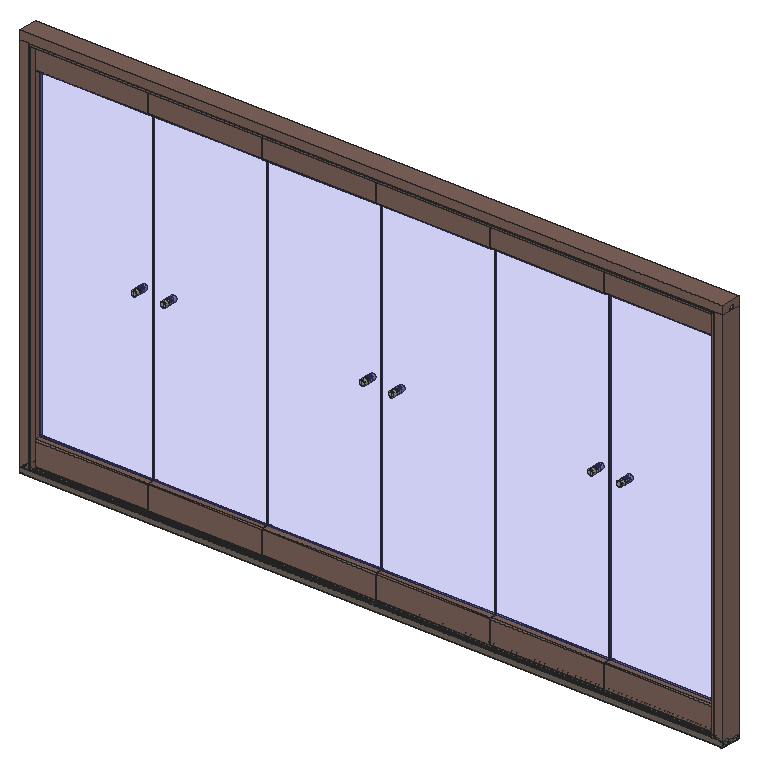
Revit family "FL6L", category Doors, host Wall, Revit 2015 (continued)
Automatic sketch dimensions
  Extrusion 33 sketch curve to Extrusion 33 sketch curve = 5 mm  (x5)
  Extrusion 33 sketch curve to host wall = 13 mm  (x2)
  Extrusion 33 sketch curve to host wall = 24.5 mm
  Extrusion 33 sketch curve to Extrusion 33 sketch curve = 11.5 mm
  level to Extrusion 33 sketch curve = 24 mm
  Extrusion 33 sketch curve to Extrusion 33 sketch curve = 13 mm
  Extrusion 33 sketch curve to Extrusion 33 sketch curve = 75 mm
  Extrusion 33 sketch curve to Extrusion 33 sketch curve = 45 mm
  plane 5 to Extrusion 33 sketch curve = 188 mm
  Extrusion 33 sketch curve to Extrusion 33 sketch curve = 50 mm
  plane 5 to Extrusion 33 sketch curve = 50 mm
  Extrusion 34 sketch curve to plane 14 = 0 mm
  Extrusion 34 sketch curve to plane 15 = 0 mm
  level to Extrusion 34 sketch curve = 112 mm
  plane 5 to Extrusion 34 sketch curve = 138 mm
  Extrusion 35 sketch curve to host wall = 23 mm  (x2)
  Extrusion 35 sketch curve to Extrusion 35 sketch curve = 1.5 mm  (x2)
  level to Extrusion 35 sketch curve = 112 mm
  Extrusion 35 sketch curve to Extrusion 35 sketch curve = 50 mm  (x2)
  plane 5 to Extrusion 35 sketch curve = 188 mm
  Revolve 36 sketch curve to host wall = 24.5 mm
  Revolve 36 sketch curve to Revolve 36 sketch curve = 5 mm
  Revolve 36 sketch curve to Revolve 36 sketch curve = 2 mm  (x2)
  plane 5 to Revolve 36 sketch curve = 158.5 mm
  Revolve 36 sketch curve to Revolve 36 sketch curve = 8.5 mm
  Revolve 36 sketch curve to Revolve 36 sketch curve = 6.469 mm
  Revolve 36 sketch curve to Revolve 36 sketch curve = 5.515 mm
  Revolve 36 sketch curve to Revolve 36 sketch curve = 4.5 mm
  Revolve 37 sketch curve to host wall = 24.5 mm
  Revolve 37 sketch curve to Revolve 37 sketch curve = 5 mm
  Revolve 37 sketch curve to Revolve 37 sketch curve = 2 mm  (x2)
  plane 5 to Revolve 37 sketch curve = 148 mm
  Revolve 37 sketch curve to Revolve 37 sketch curve = 8.5 mm
  Revolve 37 sketch curve to Revolve 37 sketch curve = 6.469 mm
  Revolve 37 sketch curve to Revolve 37 sketch curve = 5.515 mm
  Revolve 37 sketch curve to Revolve 37 sketch curve = 4.5 mm
  host wall to Extrusion 40 sketch curve = 20.5 mm  (x2)
  Extrusion 40 sketch curve to Extrusion 40 sketch curve = 5 mm  (x5)
  Extrusion 40 sketch curve to host wall = 13 mm  (x2)
  Extrusion 40 sketch curve to host wall = 24.5 mm
  Extrusion 40 sketch curve to Extrusion 40 sketch curve = 11.5 mm
  level to Extrusion 40 sketch curve = 24 mm
  Extrusion 40 sketch curve to Extrusion 40 sketch curve = 13 mm
  Extrusion 40 sketch curve to Extrusion 40 sketch curve = 75 mm
  Extrusion 40 sketch curve to Extrusion 40 sketch curve = 45 mm
  plane 5 to Extrusion 40 sketch curve = 188 mm
  Extrusion 40 sketch curve to Extrusion 40 sketch curve = 50 mm
  plane 5 to Extrusion 40 sketch curve = 50 mm
  Extrusion 41 sketch curve to plane 12 = 0 mm
  Extrusion 41 sketch curve to plane 13 = 0 mm
  level to Extrusion 41 sketch curve = 112 mm
  plane 5 to Extrusion 41 sketch curve = 138 mm
  Extrusion 42 sketch curve to host wall = 23 mm  (x2)
  Extrusion 42 sketch curve to Extrusion 42 sketch curve = 1.5 mm  (x2)
  level to Extrusion 42 sketch curve = 112 mm
  Extrusion 42 sketch curve to Extrusion 42 sketch curve = 50 mm  (x2)
  plane 5 to Extrusion 42 sketch curve = 188 mm
  Revolve 43 sketch curve to host wall = 24.5 mm
  Revolve 43 sketch curve to Revolve 43 sketch curve = 5 mm
  Revolve 43 sketch curve to Revolve 43 sketch curve = 2 mm  (x2)
  plane 5 to Revolve 43 sketch curve = 158.5 mm
  Revolve 43 sketch curve to Revolve 43 sketch curve = 8.5 mm
  Revolve 43 sketch curve to Revolve 43 sketch curve = 6.469 mm
  Revolve 43 sketch curve to Revolve 43 sketch curve = 5.515 mm
  Revolve 43 sketch curve to Revolve 43 sketch curve = 4.5 mm
  Revolve 44 sketch curve to host wall = 24.5 mm
  Revolve 44 sketch curve to Revolve 44 sketch curve = 5 mm
  Revolve 44 sketch curve to Revolve 44 sketch curve = 2 mm  (x2)
  plane 5 to Revolve 44 sketch curve = 148 mm
  Revolve 44 sketch curve to Revolve 44 sketch curve = 8.5 mm
  Revolve 44 sketch curve to Revolve 44 sketch curve = 6.469 mm
  Revolve 44 sketch curve to Revolve 44 sketch curve = 5.515 mm
  Revolve 44 sketch curve to Revolve 44 sketch curve = 4.5 mm
  Revolve 48 sketch curve to host wall = 0 mm
  Revolve 48 sketch curve to host wall = 5 mm
  Revolve 48 sketch curve to Revolve 48 sketch curve = 5 mm
  Revolve 48 sketch curve to Revolve 48 sketch curve = 3 mm
  host wall to Revolve 48 sketch curve = 16 mm
  Revolve 48 sketch curve to Revolve 48 sketch curve = 1 mm  (x2)
  plane 5 to Revolve 48 sketch curve = 1048 mm
  Revolve 48 sketch curve to Revolve 48 sketch curve = 0 mm  (x4)
  Revolve 48 sketch curve to Revolve 48 sketch curve = 14 mm
  host wall to Extrusion 49 sketch curve = 20.5 mm  (x2)
  Extrusion 49 sketch curve to Extrusion 49 sketch curve = 5 mm  (x5)
  Extrusion 49 sketch curve to host wall = 13 mm  (x2)
  Extrusion 49 sketch curve to host wall = 24.5 mm
  Extrusion 49 sketch curve to Extrusion 49 sketch curve = 11.5 mm
  level to Extrusion 49 sketch curve = 24 mm
  Extrusion 49 sketch curve to Extrusion 49 sketch curve = 13 mm
  Extrusion 49 sketch curve to Extrusion 49 sketch curve = 75 mm
  Extrusion 49 sketch curve to Extrusion 49 sketch curve = 45 mm
  plane 5 to Extrusion 49 sketch curve = 188 mm
  Extrusion 49 sketch curve to Extrusion 49 sketch curve = 50 mm
  plane 5 to Extrusion 49 sketch curve = 50 mm
  Extrusion 50 sketch curve to plane 10 = 0 mm
  Extrusion 50 sketch curve to plane 11 = 0 mm
  level to Extrusion 50 sketch curve = 112 mm
  plane 5 to Extrusion 50 sketch curve = 138 mm
  Extrusion 51 sketch curve to host wall = 23 mm  (x2)
  Extrusion 51 sketch curve to Extrusion 51 sketch curve = 1.5 mm  (x2)
  level to Extrusion 51 sketch curve = 112 mm
  Extrusion 51 sketch curve to Extrusion 51 sketch curve = 50 mm  (x2)
  plane 5 to Extrusion 51 sketch curve = 188 mm
  Revolve 52 sketch curve to host wall = 24.5 mm
  Revolve 52 sketch curve to Revolve 52 sketch curve = 5 mm
  Revolve 52 sketch curve to Revolve 52 sketch curve = 2 mm  (x2)
  plane 5 to Revolve 52 sketch curve = 158.5 mm
  Revolve 52 sketch curve to Revolve 52 sketch curve = 8.5 mm
  Revolve 52 sketch curve to Revolve 52 sketch curve = 6.469 mm
  Revolve 52 sketch curve to Revolve 52 sketch curve = 5.515 mm
  Revolve 52 sketch curve to Revolve 52 sketch curve = 4.5 mm
  Revolve 53 sketch curve to host wall = 24.5 mm
  Revolve 53 sketch curve to Revolve 53 sketch curve = 5 mm
  Revolve 53 sketch curve to Revolve 53 sketch curve = 2 mm  (x2)
  plane 5 to Revolve 53 sketch curve = 148 mm
  Revolve 53 sketch curve to Revolve 53 sketch curve = 8.5 mm
  Revolve 53 sketch curve to Revolve 53 sketch curve = 6.469 mm
  Revolve 53 sketch curve to Revolve 53 sketch curve = 5.515 mm
  Revolve 53 sketch curve to Revolve 53 sketch curve = 4.5 mm
  Revolve 56 sketch curve to host wall = 23 mm
  Revolve 56 sketch curve to Revolve 56 sketch curve = 3 mm
  Revolve 56 sketch curve to Revolve 56 sketch curve = 5 mm  (x2)
  Revolve 56 sketch curve to Revolve 56 sketch curve = 16 mm
  Revolve 56 sketch curve to Revolve 56 sketch curve = 1 mm  (x2)
  plane 5 to Revolve 56 sketch curve = 1048 mm
  Revolve 56 sketch curve to Revolve 56 sketch curve = 0 mm  (x4)
  Revolve 56 sketch curve to Revolve 56 sketch curve = 14 mm
  Revolve 58 sketch curve to host wall = 23 mm
  Revolve 58 sketch curve to Revolve 58 sketch curve = 3 mm
  Revolve 58 sketch curve to Revolve 58 sketch curve = 5 mm  (x2)
  Revolve 58 sketch curve to Revolve 58 sketch curve = 16 mm
  Revolve 58 sketch curve to Revolve 58 sketch curve = 1 mm  (x2)
  plane 5 to Revolve 58 sketch curve = 1048 mm
  Revolve 58 sketch curve to Revolve 58 sketch curve = 0 mm  (x4)
  Revolve 58 sketch curve to Revolve 58 sketch curve = 14 mm
  Revolve 60 sketch curve to host wall = 23 mm
  Revolve 60 sketch curve to Revolve 60 sketch curve = 3 mm
  Revolve 60 sketch curve to Revolve 60 sketch curve = 5 mm  (x2)
  Revolve 60 sketch curve to Revolve 60 sketch curve = 16 mm
  Revolve 60 sketch curve to Revolve 60 sketch curve = 1 mm  (x2)
  plane 5 to Revolve 60 sketch curve = 1048 mm
  Revolve 60 sketch curve to Revolve 60 sketch curve = 0 mm  (x4)
  Revolve 60 sketch curve to Revolve 60 sketch curve = 14 mm
